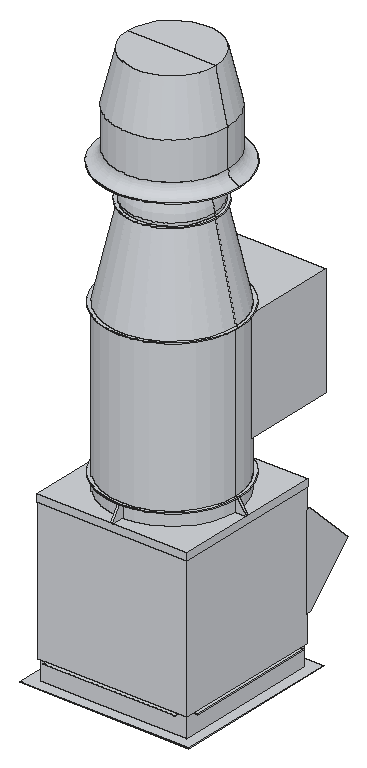
Revit family "QMXVP_with_Mixing_Box", category Mechanical Equipment, Revit 2019 (continued)
Types (225): name | UNIT_RADIUS+4" | UNIT_RADIUS*.6 | UNIT_RADIUS | UNIT_OD | UNIT_HEIGHT*.75 | UNIT_HEIGHT | TYPE | TRANSITION_TOP | RO/2 | RO | NOZZLE_WB_RAD-2" | NOZZLE_WB_RAD | NOZZLE_WB/4 | NOZZLE_TOP_RAD | NOZZLE_TOP_OD | NOZZLE_SIZE | NOZZLE_HEIGHT/7*2 | NOZZLE_HEIGHT | NOZZLE_BOTTOM_RAD | NOZZLE_WB_OD | NOZZLE_BOTTOM_ID | MB_HT/2 | MB_HT-2.75" | MB_HT+.25" | MB_HT | MB_A | GA | E | C/2 | C | B/2 | B | A/2 | A | Type Comments | Model | -A | (NOZZLE_WB_OD-NOZZLE_TOP_OD)/2 | (NOZZLE_HEIGHT-(NOZZLE_HEIGHT/8*2))/2 | (A/2)+.25"
  490_QMXHPVP-36H-Mixing_Box | 3' - 2 11/16" | 2' - 7 7/32" | 2' - 10 11/16" | 5' - 9 3/8" | 5' - 0 3/8" | 6' - 8 1/2" | 1' - 0" | 10' - 2 3/4" | 3' - 0 1/8" | 6' - 0 1/4" | 3' - 7" | 3' - 9" | 1' - 6" | 2' - 5" | 4' - 10" | 36' - 0" | 1' - 11 3/4" | 7' - 11" | 2' - 1 7/8" | 7' - 6" | 4' - 3 3/4" | 3' - 7 15/32" | 7' - 0 3/16" | 7' - 3 3/16" | 7' - 2 15/16" | 9' - 5" | 0' - 0 17/128" | 6' - 6 1/2" | 4' - 3 1/2" | 8' - 7" | 9' - 1 1/2" | 18' - 3" | 3' - 4" | 6' - 8" | "Vari-Plume Laboratory Exhaust Mixed-Flow High Pressure Inline Belt Drive With Mixing Box\r\n" | "QMXHPVP-Mixing Box" | -6' - 8" | 0' - 8" | 2' - 11 5/8" | 3' - 4 1/4"
  490_QMXHPVP-36L-Mixing_Box | 3' - 2 11/16" | 2' - 7 7/32" | 2' - 10 11/16" | 5' - 9 3/8" | 5' - 0 3/8" | 6' - 8 1/2" | 1' - 0" | 10' - 2 3/4" | 3' - 0 1/8" | 6' - 0 1/4" | 3' - 7" | 3' - 9" | 1' - 6" | 2' - 5" | 4' - 10" | 36' - 0" | 1' - 11 3/4" | 7' - 11" | 2' - 1 7/8" | 7' - 6" | 4' - 3 3/4" | 3' - 7 15/32" | 7' - 0 3/16" | 7' - 3 3/16" | 7' - 2 15/16" | 9' - 5" | 0' - 0 17/128" | 6' - 6 1/2" | 4' - 3 1/2" | 8' - 7" | 9' - 1 1/2" | 18' - 3" | 3' - 4" | 6' - 8" | "Vari-Plume Laboratory Exhaust Mixed-Flow High Pressure Inline Belt Drive With Mixing Box\r\n" | "QMXHPVP-Mixing Box" | -6' - 8" | 0' - 8" | 2' - 11 5/8" | 3' - 4 1/4"
  540_QMXHPVP-36H-Mixing_Box | 3' - 6 7/32" | 2' - 10.39687" | 3' - 2 7/32" | 6' - 4 7/16" | 5' - 5 1/4" | 7' - 3" | 1' - 0" | 11' - 10 1/4" | 3' - 3 9/16" | 6' - 7 1/8" | 3' - 7" | 3' - 9" | 1' - 6" | 2' - 5" | 4' - 10" | 36' - 0" | 1' - 11 3/4" | 7' - 11" | 2' - 1 7/8" | 7' - 6" | 4' - 3 3/4" | 4' - 1 27/32" | 8' - 0 15/16" | 8' - 3 15/16" | 8' - 3 11/16" | 10' - 6" | 0' - 0 17/128" | 7' - 1 3/8" | 4' - 7 1/2" | 9' - 3" | 9' - 11 1/2" | 19' - 11" | 3' - 9" | 7' - 6" | "Vari-Plume Laboratory Exhaust Mixed-Flow High Pressure Inline Belt Drive With Mixing Box\r\n" | "QMXHPVP-Mixing Box" | -7' - 6" | 0' - 8" | 2' - 11 5/8" | 3' - 9 1/4"
  540_QMXHPVP-36L-Mixing_Box | 3' - 6 7/32" | 2' - 10.39687" | 3' - 2 7/32" | 6' - 4 7/16" | 5' - 5 1/4" | 7' - 3" | 1' - 0" | 11' - 10 1/4" | 3' - 3 9/16" | 6' - 7 1/8" | 3' - 7" | 3' - 9" | 1' - 6" | 2' - 5" | 4' - 10" | 36' - 0" | 1' - 11 3/4" | 7' - 11" | 2' - 1 7/8" | 7' - 6" | 4' - 3 3/4" | 4' - 1 27/32" | 8' - 0 15/16" | 8' - 3 15/16" | 8' - 3 11/16" | 10' - 6" | 0' - 0 17/128" | 7' - 1 3/8" | 4' - 7 1/2" | 9' - 3" | 9' - 11 1/2" | 19' - 11" | 3' - 9" | 7' - 6" | "Vari-Plume Laboratory Exhaust Mixed-Flow High Pressure Inline Belt Drive With Mixing Box\r\n" | "QMXHPVP-Mixing Box" | -7' - 6" | 0' - 8" | 2' - 11 5/8" | 3' - 9 1/4"
  540_QMXHPVP-49H-Mixing_Box | 3' - 6 7/32" | 2' - 10.39687" | 3' - 2 7/32" | 6' - 4 7/16" | 5' - 5 1/4" | 7' - 3" | 1' - 0" | 10' - 1 1/4" | 3' - 3 9/16" | 6' - 7 1/8" | 4' - 0 1/2" | 4' - 2 1/2" | 1' - 8.2" | 3' - 2" | 6' - 4" | 49' - 0" | 2' - 3 1/2" | 9' - 2" | 2' - 10 11/16" | 8' - 5" | 5' - 9 3/8" | 4' - 1 27/32" | 8' - 0 15/16" | 8' - 3 15/16" | 8' - 3 11/16" | 10' - 6" | 0' - 0 17/128" | 7' - 1 3/8" | 4' - 7 1/2" | 9' - 3" | 9' - 11 1/2" | 19' - 11" | 3' - 9" | 7' - 6" | "Vari-Plume Laboratory Exhaust Mixed-Flow High Pressure Inline Belt Drive With Mixing Box\r\n" | "QMXHPVP-Mixing Box" | -7' - 6" | 0' - 6 1/4" | 3' - 5 1/4" | 3' - 9 1/4"
  540_QMXHPVP-49L-Mixing_Box | 3' - 6 7/32" | 2' - 10.39687" | 3' - 2 7/32" | 6' - 4 7/16" | 5' - 5 1/4" | 7' - 3" | 1' - 0" | 10' - 1 1/4" | 3' - 3 9/16" | 6' - 7 1/8" | 4' - 0 1/2" | 4' - 2 1/2" | 1' - 8.2" | 3' - 2" | 6' - 4" | 49' - 0" | 2' - 3 1/2" | 9' - 2" | 2' - 10 11/16" | 8' - 5" | 5' - 9 3/8" | 4' - 1 27/32" | 8' - 0 15/16" | 8' - 3 15/16" | 8' - 3 11/16" | 10' - 6" | 0' - 0 17/128" | 7' - 1 3/8" | 4' - 7 1/2" | 9' - 3" | 9' - 11 1/2" | 19' - 11" | 3' - 9" | 7' - 6" | "Vari-Plume Laboratory Exhaust Mixed-Flow High Pressure Inline Belt Drive With Mixing Box\r\n" | "QMXHPVP-Mixing Box" | -7' - 6" | 0' - 6 1/4" | 3' - 5 1/4" | 3' - 9 1/4"
  600_QMXHPVP-36H-Mixing_Box | 3' - 10 7/16" | 3' - 2.19375" | 3' - 6 7/16" | 7' - 0 7/8" | 5' - 11 5/8" | 7' - 11 1/2" | 1' - 0" | 14' - 2 3/4" | 3' - 8 1/32" | 7' - 4 1/16" | 3' - 7" | 3' - 9" | 1' - 6" | 2' - 5" | 4' - 10" | 36' - 0" | 1' - 11 3/4" | 7' - 11" | 2' - 1 7/8" | 7' - 6" | 4' - 3 3/4" | 4' - 10 19/32" | 9' - 6 7/16" | 9' - 9 7/16" | 9' - 9 3/16" | 12' - 0" | 0' - 0 23/128" | 7' - 10 3/8" | 5' - 1" | 10' - 2" | 10' - 11 1/2" | 21' - 11" | 4' - 2 1/2" | 8' - 5" | "Vari-Plume Laboratory Exhaust Mixed-Flow High Pressure Inline Belt Drive With Mixing Box\r\n" | "QMXHPVP-Mixing Box" | -8' - 5" | 0' - 8" | 2' - 11 5/8" | 4' - 2 3/4"
  600_QMXHPVP-36L-Mixing_Box | 3' - 10 7/16" | 3' - 2.19375" | 3' - 6 7/16" | 7' - 0 7/8" | 5' - 11 5/8" | 7' - 11 1/2" | 1' - 0" | 14' - 2 3/4" | 3' - 8 1/32" | 7' - 4 1/16" | 3' - 7" | 3' - 9" | 1' - 6" | 2' - 5" | 4' - 10" | 36' - 0" | 1' - 11 3/4" | 7' - 11" | 2' - 1 7/8" | 7' - 6" | 4' - 3 3/4" | 4' - 10 19/32" | 9' - 6 7/16" | 9' - 9 7/16" | 9' - 9 3/16" | 12' - 0" | 0' - 0 23/128" | 7' - 10 3/8" | 5' - 1" | 10' - 2" | 10' - 11 1/2" | 21' - 11" | 4' - 2 1/2" | 8' - 5" | "Vari-Plume Laboratory Exhaust Mixed-Flow High Pressure Inline Belt Drive With Mixing Box\r\n" | "QMXHPVP-Mixing Box" | -8' - 5" | 0' - 8" | 2' - 11 5/8" | 4' - 2 3/4"
  600_QMXHPVP-49H-Mixing_Box | 3' - 10 7/16" | 3' - 2.19375" | 3' - 6 7/16" | 7' - 0 7/8" | 5' - 11 5/8" | 7' - 11 1/2" | 1' - 0" | 12' - 4 3/4" | 3' - 8 1/32" | 7' - 4 1/16" | 4' - 0 1/2" | 4' - 2 1/2" | 1' - 8.2" | 3' - 2" | 6' - 4" | 49' - 0" | 2' - 3 1/2" | 9' - 2" | 2' - 10 11/16" | 8' - 5" | 5' - 9 3/8" | 4' - 10 19/32" | 9' - 6 7/16" | 9' - 9 7/16" | 9' - 9 3/16" | 12' - 0" | 0' - 0 23/128" | 7' - 10 3/8" | 5' - 1" | 10' - 2" | 10' - 11 1/2" | 21' - 11" | 4' - 2 1/2" | 8' - 5" | "Vari-Plume Laboratory Exhaust Mixed-Flow High Pressure Inline Belt Drive With Mixing Box\r\n" | "QMXHPVP-Mixing Box" | -8' - 5" | 0' - 6 1/4" | 3' - 5 1/4" | 4' - 2 3/4"
  600_QMXHPVP-49L-Mixing_Box | 3' - 10 7/16" | 3' - 2.19375" | 3' - 6 7/16" | 7' - 0 7/8" | 5' - 11 5/8" | 7' - 11 1/2" | 1' - 0" | 12' - 4 3/4" | 3' - 8 1/32" | 7' - 4 1/16" | 4' - 0 1/2" | 4' - 2 1/2" | 1' - 8.2" | 3' - 2" | 6' - 4" | 49' - 0" | 2' - 3 1/2" | 9' - 2" | 2' - 10 11/16" | 8' - 5" | 5' - 9 3/8" | 4' - 10 19/32" | 9' - 6 7/16" | 9' - 9 7/16" | 9' - 9 3/16" | 12' - 0" | 0' - 0 23/128" | 7' - 10 3/8" | 5' - 1" | 10' - 2" | 10' - 11 1/2" | 21' - 11" | 4' - 2 1/2" | 8' - 5" | "Vari-Plume Laboratory Exhaust Mixed-Flow High Pressure Inline Belt Drive With Mixing Box\r\n" | "QMXHPVP-Mixing Box" | -8' - 5" | 0' - 6 1/4" | 3' - 5 1/4" | 4' - 2 3/4"
  90_QMXHPVP-9H-Mixing_Box | 0' - 10 13/32" | 0' - 5 49/64" | 0' - 6 13/32" | 1' - 0 13/16" | 1' - 2 29/32" | 1' - 7 7/8" | 1' - 0" | 3' - 1 1/16" | 0' - 10 1/2" | 1' - 9" | 0' - 9 1/2" | 0' - 11 1/2" | 0' - 4.6" | 0' - 6 3/4" | 1' - 1 1/2" | 9' - 0" | 0' - 7" | 2' - 4" | 0' - 6 13/32" | 1' - 11" | 1' - 0 13/16" | 1' - 2 19/32" | 2' - 2 7/16" | 2' - 5 7/16" | 2' - 5 3/16" | 2' - 10" | 0' - 0 27/256" | 2' - 3 3/16" | 1' - 3" | 2' - 6" | 2' - 8 1/2" | 5' - 5" | 1' - 2" | 2' - 4" | "Vari-Plume Laboratory Exhaust Mixed-Flow High Pressure Inline Belt Drive With Mixing Box\r\n" | "QMXHPVP-Mixing Box" | -2' - 4" | 0' - 2 3/8" | 0' - 10 1/2" | 1' - 2 1/4"
  90_QMXHPVP-9L-Mixing_Box | 0' - 10 13/32" | 0' - 5 49/64" | 0' - 6 13/32" | 1' - 0 13/16" | 1' - 2 29/32" | 1' - 7 7/8" | 1' - 0" | 3' - 1 1/16" | 0' - 10 1/2" | 1' - 9" | 0' - 9 1/2" | 0' - 11 1/2" | 0' - 4.6" | 0' - 6 3/4" | 1' - 1 1/2" | 9' - 0" | 0' - 7" | 2' - 4" | 0' - 6 13/32" | 1' - 11" | 1' - 0 13/16" | 1' - 2 19/32" | 2' - 2 7/16" | 2' - 5 7/16" | 2' - 5 3/16" | 2' - 10" | 0' - 0 27/256" | 2' - 3 3/16" | 1' - 3" | 2' - 6" | 2' - 8 1/2" | 5' - 5" | 1' - 2" | 2' - 4" | "Vari-Plume Laboratory Exhaust Mixed-Flow High Pressure Inline Belt Drive With Mixing Box\r\n" | "QMXHPVP-Mixing Box" | -2' - 4" | 0' - 2 3/8" | 0' - 10 1/2" | 1' - 2 1/4"
  225_QMXHPVP-18H-Mixing_Box | 1' - 7 31/32" | 1' - 2.37188" | 1' - 3 31/32" | 2' - 7 15/16" | 2' - 6 3/4" | 3' - 5" | 1' - 0" | 5' - 1 1/8" | 1' - 5 3/8" | 2' - 10 3/4" | 1' - 7 1/2" | 1' - 9 1/2" | 0' - 8.6" | 1' - 1 3/4" | 2' - 3 1/2" | 18' - 0" | 1' - 0" | 4' - 0" | 1' - 0 13/16" | 3' - 7" | 2' - 1 5/8" | 1' - 9 19/32" | 3' - 4 7/16" | 3' - 7 7/16" | 3' - 7 3/16" | 4' - 6" | 0' - 0 27/256" | 3' - 4 15/16" | 2' - 4" | 4' - 8" | 4' - 8 1/2" | 9' - 5" | 1' - 9" | 3' - 6" | "Vari-Plume Laboratory Exhaust Mixed-Flow High Pressure Inline Belt Drive With Mixing Box\r\n" | "QMXHPVP-Mixing Box" | -3' - 6" | 0' - 3 7/8" | 1' - 6" | 1' - 9 1/4"
  490_QMXVP-49L-Mixing_Box | 3' - 2 11/16" | 2' - 7 7/32" | 2' - 10 11/16" | 5' - 9 3/8" | 5' - 0 3/8" | 6' - 8 1/2" | 0' - 0" | 8' - 0 3/4" | 3' - 0 1/8" | 6' - 0 1/4" | 4' - 0 1/2" | 4' - 2 1/2" | 1' - 8.2" | 3' - 2" | 6' - 4" | 49' - 0" | 2' - 3 1/2" | 9' - 2" | 2' - 10 11/16" | 8' - 5" | 5' - 9 3/8" | 3' - 7 15/32" | 7' - 0 3/16" | 7' - 3 3/16" | 7' - 2 15/16" | 9' - 5" | 0' - 0 17/128" | 6' - 6 1/2" | 4' - 3 1/2" | 8' - 7" | 9' - 1 1/2" | 18' - 3" | 3' - 4" | 6' - 8" | "Vari-Plume Laboratory Exhaust Mixed-Flow Inline Belt Drive With Mixing Box\r\n" | "QMXVP-Mixing Box" | -6' - 8" | 0' - 6 1/4" | 3' - 5 1/4" | 3' - 4 1/4"
  490_QMXHPVP-49H-Mixing_Box | 3' - 2 11/16" | 2' - 7 7/32" | 2' - 10 11/16" | 5' - 9 3/8" | 5' - 0 3/8" | 6' - 8 1/2" | 1' - 0" | 8' - 0 3/4" | 3' - 0 1/8" | 6' - 0 1/4" | 4' - 0 1/2" | 4' - 2 1/2" | 1' - 8.2" | 3' - 2" | 6' - 4" | 49' - 0" | 2' - 3 1/2" | 9' - 2" | 2' - 10 11/16" | 8' - 5" | 5' - 9 3/8" | 3' - 7 15/32" | 7' - 0 3/16" | 7' - 3 3/16" | 7' - 2 15/16" | 9' - 5" | 0' - 0 17/128" | 6' - 6 1/2" | 4' - 3 1/2" | 8' - 7" | 9' - 1 1/2" | 18' - 3" | 3' - 4" | 6' - 8" | "Vari-Plume Laboratory Exhaust Mixed-Flow High Pressure Inline Belt Drive With Mixing Box\r\n" | "QMXHPVP-Mixing Box" | -6' - 8" | 0' - 6 1/4" | 3' - 5 1/4" | 3' - 4 1/4"
  490_QMXHPVP-49L-Mixing_Box | 3' - 2 11/16" | 2' - 7 7/32" | 2' - 10 11/16" | 5' - 9 3/8" | 5' - 0 3/8" | 6' - 8 1/2" | 1' - 0" | 8' - 0 3/4" | 3' - 0 1/8" | 6' - 0 1/4" | 4' - 0 1/2" | 4' - 2 1/2" | 1' - 8.2" | 3' - 2" | 6' - 4" | 49' - 0" | 2' - 3 1/2" | 9' - 2" | 2' - 10 11/16" | 8' - 5" | 5' - 9 3/8" | 3' - 7 15/32" | 7' - 0 3/16" | 7' - 3 3/16" | 7' - 2 15/16" | 9' - 5" | 0' - 0 17/128" | 6' - 6 1/2" | 4' - 3 1/2" | 8' - 7" | 9' - 1 1/2" | 18' - 3" | 3' - 4" | 6' - 8" | "Vari-Plume Laboratory Exhaust Mixed-Flow High Pressure Inline Belt Drive With Mixing Box\r\n" | "QMXHPVP-Mixing Box" | -6' - 8" | 0' - 6 1/4" | 3' - 5 1/4" | 3' - 4 1/4"
  202_QMXHPVP-21H-Mixing_Box | 1' - 6 3/8" | 1' - 0 15/16" | 1' - 2 3/8" | 2' - 4 3/4" | 2' - 4 1/8" | 3' - 1 1/2" | 1' - 0" | 4' - 3 5/8" | 1' - 3 3/8" | 2' - 6 3/4" | 1' - 10 1/2" | 2' - 0 1/2" | 0' - 9.8" | 1' - 3 3/8" | 2' - 6 3/4" | 21' - 0" | 1' - 1 3/16" | 4' - 4 3/4" | 1' - 2 3/8" | 4' - 1" | 2' - 4 3/4" | 1' - 8 19/32" | 3' - 2 7/16" | 3' - 5 7/16" | 3' - 5 3/16" | 4' - 1" | 0' - 0 27/256" | 3' - 0 15/16" | 2' - 1" | 4' - 2" | 4' - 4" | 8' - 8" | 1' - 7" | 3' - 2" | "Vari-Plume Laboratory Exhaust Mixed-Flow High Pressure Inline Belt Drive With Mixing Box\r\n" | "QMXHPVP-Mixing Box" | -3' - 2" | 0' - 4 9/16" | 1' - 7 25/32" | 1' - 7 1/4"
  202_QMXHPVP-21L-Mixing_Box | 1' - 6 3/8" | 1' - 0 15/16" | 1' - 2 3/8" | 2' - 4 3/4" | 2' - 4 1/8" | 3' - 1 1/2" | 1' - 0" | 4' - 3 5/8" | 1' - 3 3/8" | 2' - 6 3/4" | 1' - 10 1/2" | 2' - 0 1/2" | 0' - 9.8" | 1' - 3 3/8" | 2' - 6 3/4" | 21' - 0" | 1' - 1 3/16" | 4' - 4 3/4" | 1' - 2 3/8" | 4' - 1" | 2' - 4 3/4" | 1' - 8 19/32" | 3' - 2 7/16" | 3' - 5 7/16" | 3' - 5 3/16" | 4' - 1" | 0' - 0 27/256" | 3' - 0 15/16" | 2' - 1" | 4' - 2" | 4' - 4" | 8' - 8" | 1' - 7" | 3' - 2" | "Vari-Plume Laboratory Exhaust Mixed-Flow High Pressure Inline Belt Drive With Mixing Box\r\n" | "QMXHPVP-Mixing Box" | -3' - 2" | 0' - 4 9/16" | 1' - 7 25/32" | 1' - 7 1/4"
  202_QMXVP-21H-Mixing_Box | 1' - 6 3/8" | 1' - 0 15/16" | 1' - 2 3/8" | 2' - 4 3/4" | 2' - 4 1/8" | 3' - 1 1/2" | 0' - 0" | 4' - 3 5/8" | 1' - 3 3/8" | 2' - 6 3/4" | 1' - 10 1/2" | 2' - 0 1/2" | 0' - 9.8" | 1' - 3 3/8" | 2' - 6 3/4" | 21' - 0" | 1' - 1 3/16" | 4' - 4 3/4" | 1' - 2 3/8" | 4' - 1" | 2' - 4 3/4" | 1' - 8 19/32" | 3' - 2 7/16" | 3' - 5 7/16" | 3' - 5 3/16" | 4' - 1" | 0' - 0 27/256" | 3' - 0 15/16" | 2' - 1" | 4' - 2" | 4' - 4" | 8' - 8" | 1' - 7" | 3' - 2" | "Vari-Plume Laboratory Exhaust Mixed-Flow Inline Belt Drive With Mixing Box\r\n" | "QMXVP-Mixing Box" | -3' - 2" | 0' - 4 9/16" | 1' - 7 25/32" | 1' - 7 1/4"
  202_QMXVP-21L-Mixing_Box | 1' - 6 3/8" | 1' - 0 15/16" | 1' - 2 3/8" | 2' - 4 3/4" | 2' - 4 1/8" | 3' - 1 1/2" | 0' - 0" | 4' - 3 5/8" | 1' - 3 3/8" | 2' - 6 3/4" | 1' - 10 1/2" | 2' - 0 1/2" | 0' - 9.8" | 1' - 3 3/8" | 2' - 6 3/4" | 21' - 0" | 1' - 1 3/16" | 4' - 4 3/4" | 1' - 2 3/8" | 4' - 1" | 2' - 4 3/4" | 1' - 8 19/32" | 3' - 2 7/16" | 3' - 5 7/16" | 3' - 5 3/16" | 4' - 1" | 0' - 0 27/256" | 3' - 0 15/16" | 2' - 1" | 4' - 2" | 4' - 4" | 8' - 8" | 1' - 7" | 3' - 2" | "Vari-Plume Laboratory Exhaust Mixed-Flow Inline Belt Drive With Mixing Box\r\n" | "QMXVP-Mixing Box" | -3' - 2" | 0' - 4 9/16" | 1' - 7 25/32" | 1' - 7 1/4"
  225_QMXHPVP-21H-Mixing_Box | 1' - 7 31/32" | 1' - 2.37188" | 1' - 3 31/32" | 2' - 7 15/16" | 2' - 6 3/4" | 3' - 5" | 1' - 0" | 5' - 1 1/8" | 1' - 5 3/8" | 2' - 10 3/4" | 1' - 10 1/2" | 2' - 0 1/2" | 0' - 9.8" | 1' - 3 3/8" | 2' - 6 3/4" | 21' - 0" | 1' - 1 3/16" | 4' - 4 3/4" | 1' - 2 3/8" | 4' - 1" | 2' - 4 3/4" | 1' - 9 19/32" | 3' - 4 7/16" | 3' - 7 7/16" | 3' - 7 3/16" | 4' - 6" | 0' - 0 27/256" | 3' - 4 15/16" | 2' - 4" | 4' - 8" | 4' - 8 1/2" | 9' - 5" | 1' - 9" | 3' - 6" | "Vari-Plume Laboratory Exhaust Mixed-Flow High Pressure Inline Belt Drive With Mixing Box\r\n" | "QMXHPVP-Mixing Box" | -3' - 6" | 0' - 4 9/16" | 1' - 7 25/32" | 1' - 9 1/4"
  225_QMXHPVP-21L-Mixing_Box | 1' - 7 31/32" | 1' - 2.37188" | 1' - 3 31/32" | 2' - 7 15/16" | 2' - 6 3/4" | 3' - 5" | 1' - 0" | 5' - 1 1/8" | 1' - 5 3/8" | 2' - 10 3/4" | 1' - 10 1/2" | 2' - 0 1/2" | 0' - 9.8" | 1' - 3 3/8" | 2' - 6 3/4" | 21' - 0" | 1' - 1 3/16" | 4' - 4 3/4" | 1' - 2 3/8" | 4' - 1" | 2' - 4 3/4" | 1' - 9 19/32" | 3' - 4 7/16" | 3' - 7 7/16" | 3' - 7 3/16" | 4' - 6" | 0' - 0 27/256" | 3' - 4 15/16" | 2' - 4" | 4' - 8" | 4' - 8 1/2" | 9' - 5" | 1' - 9" | 3' - 6" | "Vari-Plume Laboratory Exhaust Mixed-Flow High Pressure Inline Belt Drive With Mixing Box\r\n" | "QMXHPVP-Mixing Box" | -3' - 6" | 0' - 4 9/16" | 1' - 7 25/32" | 1' - 9 1/4"
  225_QMXVP-21H-Mixing_Box | 1' - 7 31/32" | 1' - 2.37188" | 1' - 3 31/32" | 2' - 7 15/16" | 2' - 6 3/4" | 3' - 5" | 0' - 0" | 5' - 1 1/8" | 1' - 5 3/8" | 2' - 10 3/4" | 1' - 10 1/2" | 2' - 0 1/2" | 0' - 9.8" | 1' - 3 3/8" | 2' - 6 3/4" | 21' - 0" | 1' - 1 3/16" | 4' - 4 3/4" | 1' - 2 3/8" | 4' - 1" | 2' - 4 3/4" | 1' - 9 19/32" | 3' - 4 7/16" | 3' - 7 7/16" | 3' - 7 3/16" | 4' - 6" | 0' - 0 27/256" | 3' - 4 15/16" | 2' - 4" | 4' - 8" | 4' - 8 1/2" | 9' - 5" | 1' - 9" | 3' - 6" | "Vari-Plume Laboratory Exhaust Mixed-Flow Inline Belt Drive With Mixing Box\r\n" | "QMXVP-Mixing Box" | -3' - 6" | 0' - 4 9/16" | 1' - 7 25/32" | 1' - 9 1/4"
  225_QMXVP-21L-Mixing_Box | 1' - 7 31/32" | 1' - 2.37188" | 1' - 3 31/32" | 2' - 7 15/16" | 2' - 6 3/4" | 3' - 5" | 0' - 0" | 5' - 1 1/8" | 1' - 5 3/8" | 2' - 10 3/4" | 1' - 10 1/2" | 2' - 0 1/2" | 0' - 9.8" | 1' - 3 3/8" | 2' - 6 3/4" | 21' - 0" | 1' - 1 3/16" | 4' - 4 3/4" | 1' - 2 3/8" | 4' - 1" | 2' - 4 3/4" | 1' - 9 19/32" | 3' - 4 7/16" | 3' - 7 7/16" | 3' - 7 3/16" | 4' - 6" | 0' - 0 27/256" | 3' - 4 15/16" | 2' - 4" | 4' - 8" | 4' - 8 1/2" | 9' - 5" | 1' - 9" | 3' - 6" | "Vari-Plume Laboratory Exhaust Mixed-Flow Inline Belt Drive With Mixing Box\r\n" | "QMXVP-Mixing Box" | -3' - 6" | 0' - 4 9/16" | 1' - 7 25/32" | 1' - 9 1/4"
  245_QMXHPVP-21H-Mixing_Box | 1' - 9 3/8" | 1' - 3.6375" | 1' - 5 3/8" | 2' - 10 3/4" | 2' - 9 3/8" | 3' - 8 1/2" | 1' - 0" | 5' - 9 11/16" | 1' - 6 3/8" | 3' - 0 3/4" | 1' - 10 1/2" | 2' - 0 1/2" | 0' - 9.8" | 1' - 3 3/8" | 2' - 6 3/4" | 21' - 0" | 1' - 1 3/16" | 4' - 4 3/4" | 1' - 2 3/8" | 4' - 1" | 2' - 4 3/4" | 1' - 10 23/32" | 3' - 6 11/16" | 3' - 9 11/16" | 3' - 9 7/16" | 4' - 9" | 0' - 0 27/256" | 3' - 6 15/16" | 2' - 5 1/2" | 4' - 11" | 5' - 0 1/2" | 10' - 1" | 1' - 10" | 3' - 8" | "Vari-Plume Laboratory Exhaust Mixed-Flow High Pressure Inline Belt Drive With Mixing Box\r\n" | "QMXHPVP-Mixing Box" | -3' - 8" | 0' - 4 9/16" | 1' - 7 25/32" | 1' - 10 1/4"
  245_QMXHPVP-21L-Mixing_Box | 1' - 9 3/8" | 1' - 3.6375" | 1' - 5 3/8" | 2' - 10 3/4" | 2' - 9 3/8" | 3' - 8 1/2" | 1' - 0" | 5' - 9 11/16" | 1' - 6 3/8" | 3' - 0 3/4" | 1' - 10 1/2" | 2' - 0 1/2" | 0' - 9.8" | 1' - 3 3/8" | 2' - 6 3/4" | 21' - 0" | 1' - 1 3/16" | 4' - 4 3/4" | 1' - 2 3/8" | 4' - 1" | 2' - 4 3/4" | 1' - 10 23/32" | 3' - 6 11/16" | 3' - 9 11/16" | 3' - 9 7/16" | 4' - 9" | 0' - 0 27/256" | 3' - 6 15/16" | 2' - 5 1/2" | 4' - 11" | 5' - 0 1/2" | 10' - 1" | 1' - 10" | 3' - 8" | "Vari-Plume Laboratory Exhaust Mixed-Flow High Pressure Inline Belt Drive With Mixing Box\r\n" | "QMXHPVP-Mixing Box" | -3' - 8" | 0' - 4 9/16" | 1' - 7 25/32" | 1' - 10 1/4"
  245_QMXVP-21H-Mixing_Box | 1' - 9 3/8" | 1' - 3.6375" | 1' - 5 3/8" | 2' - 10 3/4" | 2' - 9 3/8" | 3' - 8 1/2" | 0' - 0" | 5' - 9 11/16" | 1' - 6 3/8" | 3' - 0 3/4" | 1' - 10 1/2" | 2' - 0 1/2" | 0' - 9.8" | 1' - 3 3/8" | 2' - 6 3/4" | 21' - 0" | 1' - 1 3/16" | 4' - 4 3/4" | 1' - 2 3/8" | 4' - 1" | 2' - 4 3/4" | 1' - 10 23/32" | 3' - 6 11/16" | 3' - 9 11/16" | 3' - 9 7/16" | 4' - 9" | 0' - 0 27/256" | 3' - 6 15/16" | 2' - 5 1/2" | 4' - 11" | 5' - 0 1/2" | 10' - 1" | 1' - 10" | 3' - 8" | "Vari-Plume Laboratory Exhaust Mixed-Flow Inline Belt Drive With Mixing Box\r\n" | "QMXVP-Mixing Box" | -3' - 8" | 0' - 4 9/16" | 1' - 7 25/32" | 1' - 10 1/4"
  245_QMXVP-21L-Mixing_Box | 1' - 9 3/8" | 1' - 3.6375" | 1' - 5 3/8" | 2' - 10 3/4" | 2' - 9 3/8" | 3' - 8 1/2" | 0' - 0" | 5' - 9 11/16" | 1' - 6 3/8" | 3' - 0 3/4" | 1' - 10 1/2" | 2' - 0 1/2" | 0' - 9.8" | 1' - 3 3/8" | 2' - 6 3/4" | 21' - 0" | 1' - 1 3/16" | 4' - 4 3/4" | 1' - 2 3/8" | 4' - 1" | 2' - 4 3/4" | 1' - 10 23/32" | 3' - 6 11/16" | 3' - 9 11/16" | 3' - 9 7/16" | 4' - 9" | 0' - 0 27/256" | 3' - 6 15/16" | 2' - 5 1/2" | 4' - 11" | 5' - 0 1/2" | 10' - 1" | 1' - 10" | 3' - 8" | "Vari-Plume Laboratory Exhaust Mixed-Flow Inline Belt Drive With Mixing Box\r\n" | "QMXVP-Mixing Box" | -3' - 8" | 0' - 4 9/16" | 1' - 7 25/32" | 1' - 10 1/4"
  270_QMXHPVP-21H-Mixing_Box | 1' - 11 5/32" | 1' - 5.24062" | 1' - 7 5/32" | 3' - 2 5/16" | 2' - 11 1/4" | 3' - 11" | 1' - 0" | 6' - 7 3/16" | 1' - 8 3/8" | 3' - 4 3/4" | 1' - 10 1/2" | 2' - 0 1/2" | 0' - 9.8" | 1' - 3 3/8" | 2' - 6 3/4" | 21' - 0" | 1' - 1 3/16" | 4' - 4 3/4" | 1' - 2 3/8" | 4' - 1" | 2' - 4 3/4" | 1' - 11 19/32" | 3' - 8 7/16" | 3' - 11 7/16" | 3' - 11 3/16" | 5' - 2" | 0' - 0 27/256" | 3' - 10 15/16" | 2' - 7 1/2" | 5' - 3" | 5' - 4" | 10' - 8" | 2' - 0" | 4' - 0" | "Vari-Plume Laboratory Exhaust Mixed-Flow High Pressure Inline Belt Drive With Mixing Box\r\n" | "QMXHPVP-Mixing Box" | -4' - 0" | 0' - 4 9/16" | 1' - 7 25/32" | 2' - 0 1/4"
  270_QMXHPVP-21L-Mixing_Box | 1' - 11 5/32" | 1' - 5.24062" | 1' - 7 5/32" | 3' - 2 5/16" | 2' - 11 1/4" | 3' - 11" | 1' - 0" | 6' - 7 3/16" | 1' - 8 3/8" | 3' - 4 3/4" | 1' - 10 1/2" | 2' - 0 1/2" | 0' - 9.8" | 1' - 3 3/8" | 2' - 6 3/4" | 21' - 0" | 1' - 1 3/16" | 4' - 4 3/4" | 1' - 2 3/8" | 4' - 1" | 2' - 4 3/4" | 1' - 11 19/32" | 3' - 8 7/16" | 3' - 11 7/16" | 3' - 11 3/16" | 5' - 2" | 0' - 0 27/256" | 3' - 10 15/16" | 2' - 7 1/2" | 5' - 3" | 5' - 4" | 10' - 8" | 2' - 0" | 4' - 0" | "Vari-Plume Laboratory Exhaust Mixed-Flow High Pressure Inline Belt Drive With Mixing Box\r\n" | "QMXHPVP-Mixing Box" | -4' - 0" | 0' - 4 9/16" | 1' - 7 25/32" | 2' - 0 1/4"
  270_QMXVP-21H-Mixing_Box | 1' - 11 5/32" | 1' - 5.24062" | 1' - 7 5/32" | 3' - 2 5/16" | 2' - 11 1/4" | 3' - 11" | 0' - 0" | 6' - 7 3/16" | 1' - 8 3/8" | 3' - 4 3/4" | 1' - 10 1/2" | 2' - 0 1/2" | 0' - 9.8" | 1' - 3 3/8" | 2' - 6 3/4" | 21' - 0" | 1' - 1 3/16" | 4' - 4 3/4" | 1' - 2 3/8" | 4' - 1" | 2' - 4 3/4" | 1' - 11 19/32" | 3' - 8 7/16" | 3' - 11 7/16" | 3' - 11 3/16" | 5' - 2" | 0' - 0 27/256" | 3' - 10 15/16" | 2' - 7 1/2" | 5' - 3" | 5' - 4" | 10' - 8" | 2' - 0" | 4' - 0" | "Vari-Plume Laboratory Exhaust Mixed-Flow Inline Belt Drive With Mixing Box\r\n" | "QMXVP-Mixing Box" | -4' - 0" | 0' - 4 9/16" | 1' - 7 25/32" | 2' - 0 1/4"
  270_QMXVP-21L-Mixing_Box | 1' - 11 5/32" | 1' - 5.24062" | 1' - 7 5/32" | 3' - 2 5/16" | 2' - 11 1/4" | 3' - 11" | 0' - 0" | 6' - 7 3/16" | 1' - 8 3/8" | 3' - 4 3/4" | 1' - 10 1/2" | 2' - 0 1/2" | 0' - 9.8" | 1' - 3 3/8" | 2' - 6 3/4" | 21' - 0" | 1' - 1 3/16" | 4' - 4 3/4" | 1' - 2 3/8" | 4' - 1" | 2' - 4 3/4" | 1' - 11 19/32" | 3' - 8 7/16" | 3' - 11 7/16" | 3' - 11 3/16" | 5' - 2" | 0' - 0 27/256" | 3' - 10 15/16" | 2' - 7 1/2" | 5' - 3" | 5' - 4" | 10' - 8" | 2' - 0" | 4' - 0" | "Vari-Plume Laboratory Exhaust Mixed-Flow Inline Belt Drive With Mixing Box\r\n" | "QMXVP-Mixing Box" | -4' - 0" | 0' - 4 9/16" | 1' - 7 25/32" | 2' - 0 1/4"
  300_QMXHPVP-21H-Mixing_Box | 2' - 1 1/4" | 1' - 7 1/8" | 1' - 9 1/4" | 3' - 6 1/2" | 3' - 4 1/2" | 4' - 6" | 1' - 0" | 7' - 10 3/16" | 1' - 10 3/8" | 3' - 8 3/4" | 1' - 10 1/2" | 2' - 0 1/2" | 0' - 9.8" | 1' - 3 3/8" | 2' - 6 3/4" | 21' - 0" | 1' - 1 3/16" | 4' - 4 3/4" | 1' - 2 3/8" | 4' - 1" | 2' - 4 3/4" | 2' - 1 7/32" | 3' - 11 11/16" | 4' - 2 11/16" | 4' - 2 7/16" | 5' - 8" | 0' - 0 27/256" | 4' - 2 15/16" | 2' - 9 1/2" | 5' - 7" | 6' - 2" | 12' - 4" | 2' - 2" | 4' - 4" | "Vari-Plume Laboratory Exhaust Mixed-Flow High Pressure Inline Belt Drive With Mixing Box\r\n" | "QMXHPVP-Mixing Box" | -4' - 4" | 0' - 4 9/16" | 1' - 7 25/32" | 2' - 2 1/4"
  300_QMXHPVP-21L-Mixing_Box | 2' - 1 1/4" | 1' - 7 1/8" | 1' - 9 1/4" | 3' - 6 1/2" | 3' - 4 1/2" | 4' - 6" | 1' - 0" | 7' - 10 3/16" | 1' - 10 3/8" | 3' - 8 3/4" | 1' - 10 1/2" | 2' - 0 1/2" | 0' - 9.8" | 1' - 3 3/8" | 2' - 6 3/4" | 21' - 0" | 1' - 1 3/16" | 4' - 4 3/4" | 1' - 2 3/8" | 4' - 1" | 2' - 4 3/4" | 2' - 1 7/32" | 3' - 11 11/16" | 4' - 2 11/16" | 4' - 2 7/16" | 5' - 8" | 0' - 0 27/256" | 4' - 2 15/16" | 2' - 9 1/2" | 5' - 7" | 6' - 2" | 12' - 4" | 2' - 2" | 4' - 4" | "Vari-Plume Laboratory Exhaust Mixed-Flow High Pressure Inline Belt Drive With Mixing Box\r\n" | "QMXHPVP-Mixing Box" | -4' - 4" | 0' - 4 9/16" | 1' - 7 25/32" | 2' - 2 1/4"
  300_QMXVP-21H-Mixing_Box | 2' - 1 1/4" | 1' - 7 1/8" | 1' - 9 1/4" | 3' - 6 1/2" | 3' - 4 1/2" | 4' - 6" | 0' - 0" | 7' - 10 3/16" | 1' - 10 3/8" | 3' - 8 3/4" | 1' - 10 1/2" | 2' - 0 1/2" | 0' - 9.8" | 1' - 3 3/8" | 2' - 6 3/4" | 21' - 0" | 1' - 1 3/16" | 4' - 4 3/4" | 1' - 2 3/8" | 4' - 1" | 2' - 4 3/4" | 2' - 1 7/32" | 3' - 11 11/16" | 4' - 2 11/16" | 4' - 2 7/16" | 5' - 8" | 0' - 0 27/256" | 4' - 2 15/16" | 2' - 9 1/2" | 5' - 7" | 6' - 2" | 12' - 4" | 2' - 2" | 4' - 4" | "Vari-Plume Laboratory Exhaust Mixed-Flow Inline Belt Drive With Mixing Box\r\n" | "QMXVP-Mixing Box" | -4' - 4" | 0' - 4 9/16" | 1' - 7 25/32" | 2' - 2 1/4"
  300_QMXVP-21L-Mixing_Box | 2' - 1 1/4" | 1' - 7 1/8" | 1' - 9 1/4" | 3' - 6 1/2" | 3' - 4 1/2" | 4' - 6" | 0' - 0" | 7' - 10 3/16" | 1' - 10 3/8" | 3' - 8 3/4" | 1' - 10 1/2" | 2' - 0 1/2" | 0' - 9.8" | 1' - 3 3/8" | 2' - 6 3/4" | 21' - 0" | 1' - 1 3/16" | 4' - 4 3/4" | 1' - 2 3/8" | 4' - 1" | 2' - 4 3/4" | 2' - 1 7/32" | 3' - 11 11/16" | 4' - 2 11/16" | 4' - 2 7/16" | 5' - 8" | 0' - 0 27/256" | 4' - 2 15/16" | 2' - 9 1/2" | 5' - 7" | 6' - 2" | 12' - 4" | 2' - 2" | 4' - 4" | "Vari-Plume Laboratory Exhaust Mixed-Flow Inline Belt Drive With Mixing Box\r\n" | "QMXVP-Mixing Box" | -4' - 4" | 0' - 4 9/16" | 1' - 7 25/32" | 2' - 2 1/4"
  270_QMXHPVP-27H-Mixing_Box | 1' - 11 5/32" | 1' - 5.24062" | 1' - 7 5/32" | 3' - 2 5/16" | 2' - 11 1/4" | 3' - 11" | 1' - 0" | 5' - 2 1/4" | 1' - 8 3/8" | 3' - 4 3/4" | 2' - 4 1/2" | 2' - 6 1/2" | 1' - 0.2" | 1' - 7 27/32" | 3' - 3 11/16" | 27' - 0" | 1' - 3 5/32" | 5' - 0 5/8" | 1' - 7 5/32" | 5' - 1" | 3' - 2 5/16" | 1' - 11 19/32" | 3' - 8 7/16" | 3' - 11 7/16" | 3' - 11 3/16" | 5' - 2" | 0' - 0 27/256" | 3' - 10 15/16" | 2' - 7 1/2" | 5' - 3" | 5' - 4" | 10' - 8" | 2' - 0" | 4' - 0" | "Vari-Plume Laboratory Exhaust Mixed-Flow High Pressure Inline Belt Drive With Mixing Box\r\n" | "QMXHPVP-Mixing Box" | -4' - 0" | 0' - 5 21/64" | 1' - 10 47/64" | 2' - 0 1/4"
  270_QMXHPVP-27L-Mixing_Box | 1' - 11 5/32" | 1' - 5.24062" | 1' - 7 5/32" | 3' - 2 5/16" | 2' - 11 1/4" | 3' - 11" | 1' - 0" | 5' - 2 1/4" | 1' - 8 3/8" | 3' - 4 3/4" | 2' - 4 1/2" | 2' - 6 1/2" | 1' - 0.2" | 1' - 7 27/32" | 3' - 3 11/16" | 27' - 0" | 1' - 3 5/32" | 5' - 0 5/8" | 1' - 7 5/32" | 5' - 1" | 3' - 2 5/16" | 1' - 11 19/32" | 3' - 8 7/16" | 3' - 11 7/16" | 3' - 11 3/16" | 5' - 2" | 0' - 0 27/256" | 3' - 10 15/16" | 2' - 7 1/2" | 5' - 3" | 5' - 4" | 10' - 8" | 2' - 0" | 4' - 0" | "Vari-Plume Laboratory Exhaust Mixed-Flow High Pressure Inline Belt Drive With Mixing Box\r\n" | "QMXHPVP-Mixing Box" | -4' - 0" | 0' - 5 21/64" | 1' - 10 47/64" | 2' - 0 1/4"
  270_QMXVP-27H-Mixing_Box | 1' - 11 5/32" | 1' - 5.24062" | 1' - 7 5/32" | 3' - 2 5/16" | 2' - 11 1/4" | 3' - 11" | 0' - 0" | 5' - 2 1/4" | 1' - 8 3/8" | 3' - 4 3/4" | 2' - 4 1/2" | 2' - 6 1/2" | 1' - 0.2" | 1' - 7 27/32" | 3' - 3 11/16" | 27' - 0" | 1' - 3 5/32" | 5' - 0 5/8" | 1' - 7 5/32" | 5' - 1" | 3' - 2 5/16" | 1' - 11 19/32" | 3' - 8 7/16" | 3' - 11 7/16" | 3' - 11 3/16" | 5' - 2" | 0' - 0 27/256" | 3' - 10 15/16" | 2' - 7 1/2" | 5' - 3" | 5' - 4" | 10' - 8" | 2' - 0" | 4' - 0" | "Vari-Plume Laboratory Exhaust Mixed-Flow Inline Belt Drive With Mixing Box\r\n" | "QMXVP-Mixing Box" | -4' - 0" | 0' - 5 21/64" | 1' - 10 47/64" | 2' - 0 1/4"
  270_QMXVP-27L-Mixing_Box | 1' - 11 5/32" | 1' - 5.24062" | 1' - 7 5/32" | 3' - 2 5/16" | 2' - 11 1/4" | 3' - 11" | 0' - 0" | 5' - 2 1/4" | 1' - 8 3/8" | 3' - 4 3/4" | 2' - 4 1/2" | 2' - 6 1/2" | 1' - 0.2" | 1' - 7 27/32" | 3' - 3 11/16" | 27' - 0" | 1' - 3 5/32" | 5' - 0 5/8" | 1' - 7 5/32" | 5' - 1" | 3' - 2 5/16" | 1' - 11 19/32" | 3' - 8 7/16" | 3' - 11 7/16" | 3' - 11 3/16" | 5' - 2" | 0' - 0 27/256" | 3' - 10 15/16" | 2' - 7 1/2" | 5' - 3" | 5' - 4" | 10' - 8" | 2' - 0" | 4' - 0" | "Vari-Plume Laboratory Exhaust Mixed-Flow Inline Belt Drive With Mixing Box\r\n" | "QMXVP-Mixing Box" | -4' - 0" | 0' - 5 21/64" | 1' - 10 47/64" | 2' - 0 1/4"
  300_QMXHPVP-27H-Mixing_Box | 2' - 1 1/4" | 1' - 7 1/8" | 1' - 9 1/4" | 3' - 6 1/2" | 3' - 4 1/2" | 4' - 6" | 1' - 0" | 6' - 5 1/4" | 1' - 10 3/8" | 3' - 8 3/4" | 2' - 4 1/2" | 2' - 6 1/2" | 1' - 0.2" | 1' - 7 27/32" | 3' - 3 11/16" | 27' - 0" | 1' - 3 5/32" | 5' - 0 5/8" | 1' - 7 5/32" | 5' - 1" | 3' - 2 5/16" | 2' - 1 7/32" | 3' - 11 11/16" | 4' - 2 11/16" | 4' - 2 7/16" | 5' - 8" | 0' - 0 27/256" | 4' - 2 15/16" | 2' - 9 1/2" | 5' - 7" | 6' - 2" | 12' - 4" | 2' - 2" | 4' - 4" | "Vari-Plume Laboratory Exhaust Mixed-Flow High Pressure Inline Belt Drive With Mixing Box\r\n" | "QMXHPVP-Mixing Box" | -4' - 4" | 0' - 5 21/64" | 1' - 10 47/64" | 2' - 2 1/4"
  300_QMXHPVP-27L-Mixing_Box | 2' - 1 1/4" | 1' - 7 1/8" | 1' - 9 1/4" | 3' - 6 1/2" | 3' - 4 1/2" | 4' - 6" | 1' - 0" | 6' - 5 1/4" | 1' - 10 3/8" | 3' - 8 3/4" | 2' - 4 1/2" | 2' - 6 1/2" | 1' - 0.2" | 1' - 7 27/32" | 3' - 3 11/16" | 27' - 0" | 1' - 3 5/32" | 5' - 0 5/8" | 1' - 7 5/32" | 5' - 1" | 3' - 2 5/16" | 2' - 1 7/32" | 3' - 11 11/16" | 4' - 2 11/16" | 4' - 2 7/16" | 5' - 8" | 0' - 0 27/256" | 4' - 2 15/16" | 2' - 9 1/2" | 5' - 7" | 6' - 2" | 12' - 4" | 2' - 2" | 4' - 4" | "Vari-Plume Laboratory Exhaust Mixed-Flow High Pressure Inline Belt Drive With Mixing Box\r\n" | "QMXHPVP-Mixing Box" | -4' - 4" | 0' - 5 21/64" | 1' - 10 47/64" | 2' - 2 1/4"
  300_QMXVP-27H-Mixing_Box | 2' - 1 1/4" | 1' - 7 1/8" | 1' - 9 1/4" | 3' - 6 1/2" | 3' - 4 1/2" | 4' - 6" | 0' - 0" | 6' - 5 1/4" | 1' - 10 3/8" | 3' - 8 3/4" | 2' - 4 1/2" | 2' - 6 1/2" | 1' - 0.2" | 1' - 7 27/32" | 3' - 3 11/16" | 27' - 0" | 1' - 3 5/32" | 5' - 0 5/8" | 1' - 7 5/32" | 5' - 1" | 3' - 2 5/16" | 2' - 1 7/32" | 3' - 11 11/16" | 4' - 2 11/16" | 4' - 2 7/16" | 5' - 8" | 0' - 0 27/256" | 4' - 2 15/16" | 2' - 9 1/2" | 5' - 7" | 6' - 2" | 12' - 4" | 2' - 2" | 4' - 4" | "Vari-Plume Laboratory Exhaust Mixed-Flow Inline Belt Drive With Mixing Box\r\n" | "QMXVP-Mixing Box" | -4' - 4" | 0' - 5 21/64" | 1' - 10 47/64" | 2' - 2 1/4"
  300_QMXVP-27L-Mixing_Box | 2' - 1 1/4" | 1' - 7 1/8" | 1' - 9 1/4" | 3' - 6 1/2" | 3' - 4 1/2" | 4' - 6" | 0' - 0" | 6' - 5 1/4" | 1' - 10 3/8" | 3' - 8 3/4" | 2' - 4 1/2" | 2' - 6 1/2" | 1' - 0.2" | 1' - 7 27/32" | 3' - 3 11/16" | 27' - 0" | 1' - 3 5/32" | 5' - 0 5/8" | 1' - 7 5/32" | 5' - 1" | 3' - 2 5/16" | 2' - 1 7/32" | 3' - 11 11/16" | 4' - 2 11/16" | 4' - 2 7/16" | 5' - 8" | 0' - 0 27/256" | 4' - 2 15/16" | 2' - 9 1/2" | 5' - 7" | 6' - 2" | 12' - 4" | 2' - 2" | 4' - 4" | "Vari-Plume Laboratory Exhaust Mixed-Flow Inline Belt Drive With Mixing Box\r\n" | "QMXVP-Mixing Box" | -4' - 4" | 0' - 5 21/64" | 1' - 10 47/64" | 2' - 2 1/4"
  330_QMXHPVP-27H-Mixing_Box | 2' - 3 3/8" | 1' - 9.0375" | 1' - 11 3/8" | 3' - 10 3/4" | 3' - 7 7/8" | 4' - 10 1/2" | 1' - 0" | 7' - 5 3/4" | 2' - 0 5/16" | 4' - 0 5/8" | 2' - 4 1/2" | 2' - 6 1/2" | 1' - 0.2" | 1' - 7 27/32" | 3' - 3 11/16" | 27' - 0" | 1' - 3 5/32" | 5' - 0 5/8" | 1' - 7 5/32" | 5' - 1" | 3' - 2 5/16" | 2' - 2 27/32" | 4' - 2 15/16" | 4' - 5 15/16" | 4' - 5 11/16" | 6' - 1" | 0' - 0 27/256" | 4' - 6 13/16" | 3' - 0 1/2" | 6' - 1" | 6' - 5" | 12' - 10" | 2' - 4" | 4' - 8" | "Vari-Plume Laboratory Exhaust Mixed-Flow High Pressure Inline Belt Drive With Mixing Box\r\n" | "QMXHPVP-Mixing Box" | -4' - 8" | 0' - 5 21/64" | 1' - 10 47/64" | 2' - 4 1/4"
  330_QMXHPVP-27L-Mixing_Box | 2' - 3 3/8" | 1' - 9.0375" | 1' - 11 3/8" | 3' - 10 3/4" | 3' - 7 7/8" | 4' - 10 1/2" | 1' - 0" | 7' - 5 3/4" | 2' - 0 5/16" | 4' - 0 5/8" | 2' - 4 1/2" | 2' - 6 1/2" | 1' - 0.2" | 1' - 7 27/32" | 3' - 3 11/16" | 27' - 0" | 1' - 3 5/32" | 5' - 0 5/8" | 1' - 7 5/32" | 5' - 1" | 3' - 2 5/16" | 2' - 2 27/32" | 4' - 2 15/16" | 4' - 5 15/16" | 4' - 5 11/16" | 6' - 1" | 0' - 0 27/256" | 4' - 6 13/16" | 3' - 0 1/2" | 6' - 1" | 6' - 5" | 12' - 10" | 2' - 4" | 4' - 8" | "Vari-Plume Laboratory Exhaust Mixed-Flow High Pressure Inline Belt Drive With Mixing Box\r\n" | "QMXHPVP-Mixing Box" | -4' - 8" | 0' - 5 21/64" | 1' - 10 47/64" | 2' - 4 1/4"
  330_QMXVP-27H-Mixing_Box | 2' - 3 3/8" | 1' - 9.0375" | 1' - 11 3/8" | 3' - 10 3/4" | 3' - 7 7/8" | 4' - 10 1/2" | 0' - 0" | 7' - 5 3/4" | 2' - 0 5/16" | 4' - 0 5/8" | 2' - 4 1/2" | 2' - 6 1/2" | 1' - 0.2" | 1' - 7 27/32" | 3' - 3 11/16" | 27' - 0" | 1' - 3 5/32" | 5' - 0 5/8" | 1' - 7 5/32" | 5' - 1" | 3' - 2 5/16" | 2' - 2 27/32" | 4' - 2 15/16" | 4' - 5 15/16" | 4' - 5 11/16" | 6' - 1" | 0' - 0 27/256" | 4' - 6 13/16" | 3' - 0 1/2" | 6' - 1" | 6' - 5" | 12' - 10" | 2' - 4" | 4' - 8" | "Vari-Plume Laboratory Exhaust Mixed-Flow Inline Belt Drive With Mixing Box\r\n" | "QMXVP-Mixing Box" | -4' - 8" | 0' - 5 21/64" | 1' - 10 47/64" | 2' - 4 1/4"
  330_QMXVP-27L-Mixing_Box | 2' - 3 3/8" | 1' - 9.0375" | 1' - 11 3/8" | 3' - 10 3/4" | 3' - 7 7/8" | 4' - 10 1/2" | 0' - 0" | 7' - 5 3/4" | 2' - 0 5/16" | 4' - 0 5/8" | 2' - 4 1/2" | 2' - 6 1/2" | 1' - 0.2" | 1' - 7 27/32" | 3' - 3 11/16" | 27' - 0" | 1' - 3 5/32" | 5' - 0 5/8" | 1' - 7 5/32" | 5' - 1" | 3' - 2 5/16" | 2' - 2 27/32" | 4' - 2 15/16" | 4' - 5 15/16" | 4' - 5 11/16" | 6' - 1" | 0' - 0 27/256" | 4' - 6 13/16" | 3' - 0 1/2" | 6' - 1" | 6' - 5" | 12' - 10" | 2' - 4" | 4' - 8" | "Vari-Plume Laboratory Exhaust Mixed-Flow Inline Belt Drive With Mixing Box\r\n" | "QMXVP-Mixing Box" | -4' - 8" | 0' - 5 21/64" | 1' - 10 47/64" | 2' - 4 1/4"
  365_QMXHPVP-27H-Mixing_Box | 2' - 5 7/8" | 1' - 11.2875" | 2' - 1 7/8" | 4' - 3 3/4" | 4' - 0" | 5' - 4" | 1' - 0" | 8' - 8 1/4" | 2' - 3 1/4" | 4' - 6 1/2" | 2' - 4 1/2" | 2' - 6 1/2" | 1' - 0.2" | 1' - 7 27/32" | 3' - 3 11/16" | 27' - 0" | 1' - 3 5/32" | 5' - 0 5/8" | 1' - 7 5/32" | 5' - 1" | 3' - 2 5/16" | 2' - 5 27/32" | 4' - 8 15/16" | 4' - 11 15/16" | 4' - 11 11/16" | 6' - 10" | 0' - 0 27/256" | 5' - 0 3/4" | 3' - 3 1/2" | 6' - 7" | 7' - 3 1/2" | 14' - 7" | 2' - 7" | 5' - 2" | "Vari-Plume Laboratory Exhaust Mixed-Flow High Pressure Inline Belt Drive With Mixing Box\r\n" | "QMXHPVP-Mixing Box" | -5' - 2" | 0' - 5 21/64" | 1' - 10 47/64" | 2' - 7 1/4"
  365_QMXHPVP-27L-Mixing_Box | 2' - 5 7/8" | 1' - 11.2875" | 2' - 1 7/8" | 4' - 3 3/4" | 4' - 0" | 5' - 4" | 1' - 0" | 8' - 8 1/4" | 2' - 3 1/4" | 4' - 6 1/2" | 2' - 4 1/2" | 2' - 6 1/2" | 1' - 0.2" | 1' - 7 27/32" | 3' - 3 11/16" | 27' - 0" | 1' - 3 5/32" | 5' - 0 5/8" | 1' - 7 5/32" | 5' - 1" | 3' - 2 5/16" | 2' - 5 27/32" | 4' - 8 15/16" | 4' - 11 15/16" | 4' - 11 11/16" | 6' - 10" | 0' - 0 27/256" | 5' - 0 3/4" | 3' - 3 1/2" | 6' - 7" | 7' - 3 1/2" | 14' - 7" | 2' - 7" | 5' - 2" | "Vari-Plume Laboratory Exhaust Mixed-Flow High Pressure Inline Belt Drive With Mixing Box\r\n" | "QMXHPVP-Mixing Box" | -5' - 2" | 0' - 5 21/64" | 1' - 10 47/64" | 2' - 7 1/4"
  365_QMXVP-27H-Mixing_Box | 2' - 5 7/8" | 1' - 11.2875" | 2' - 1 7/8" | 4' - 3 3/4" | 4' - 0" | 5' - 4" | 0' - 0" | 8' - 8 1/4" | 2' - 3 1/4" | 4' - 6 1/2" | 2' - 4 1/2" | 2' - 6 1/2" | 1' - 0.2" | 1' - 7 27/32" | 3' - 3 11/16" | 27' - 0" | 1' - 3 5/32" | 5' - 0 5/8" | 1' - 7 5/32" | 5' - 1" | 3' - 2 5/16" | 2' - 5 27/32" | 4' - 8 15/16" | 4' - 11 15/16" | 4' - 11 11/16" | 6' - 10" | 0' - 0 27/256" | 5' - 0 3/4" | 3' - 3 1/2" | 6' - 7" | 7' - 3 1/2" | 14' - 7" | 2' - 7" | 5' - 2" | "Vari-Plume Laboratory Exhaust Mixed-Flow Inline Belt Drive With Mixing Box\r\n" | "QMXVP-Mixing Box" | -5' - 2" | 0' - 5 21/64" | 1' - 10 47/64" | 2' - 7 1/4"
  365_QMXVP-27L-Mixing_Box | 2' - 5 7/8" | 1' - 11.2875" | 2' - 1 7/8" | 4' - 3 3/4" | 4' - 0" | 5' - 4" | 0' - 0" | 8' - 8 1/4" | 2' - 3 1/4" | 4' - 6 1/2" | 2' - 4 1/2" | 2' - 6 1/2" | 1' - 0.2" | 1' - 7 27/32" | 3' - 3 11/16" | 27' - 0" | 1' - 3 5/32" | 5' - 0 5/8" | 1' - 7 5/32" | 5' - 1" | 3' - 2 5/16" | 2' - 5 27/32" | 4' - 8 15/16" | 4' - 11 15/16" | 4' - 11 11/16" | 6' - 10" | 0' - 0 27/256" | 5' - 0 3/4" | 3' - 3 1/2" | 6' - 7" | 7' - 3 1/2" | 14' - 7" | 2' - 7" | 5' - 2" | "Vari-Plume Laboratory Exhaust Mixed-Flow Inline Belt Drive With Mixing Box\r\n" | "QMXVP-Mixing Box" | -5' - 2" | 0' - 5 21/64" | 1' - 10 47/64" | 2' - 7 1/4"
  402_QMXHPVP-27H-Mixing_Box | 2' - 8 15/32" | 2' - 1.62188" | 2' - 4 15/32" | 4' - 8 15/16" | 4' - 3 3/8" | 5' - 8 1/2" | 1' - 0" | 9' - 10 3/4" | 2' - 5 23/32" | 4' - 11 7/16" | 2' - 4 1/2" | 2' - 6 1/2" | 1' - 0.2" | 1' - 7 27/32" | 3' - 3 11/16" | 27' - 0" | 1' - 3 5/32" | 5' - 0 5/8" | 1' - 7 5/32" | 5' - 1" | 3' - 2 5/16" | 2' - 8 31/32" | 5' - 3 3/16" | 5' - 6 3/16" | 5' - 5 15/16" | 7' - 6" | 0' - 0 27/256" | 5' - 5 3/4" | 3' - 8" | 7' - 4" | 7' - 7 1/2" | 15' - 3" | 2' - 9 1/2" | 5' - 7" | "Vari-Plume Laboratory Exhaust Mixed-Flow High Pressure Inline Belt Drive With Mixing Box\r\n" | "QMXHPVP-Mixing Box" | -5' - 7" | 0' - 5 21/64" | 1' - 10 47/64" | 2' - 9 3/4"
  402_QMXHPVP-27L-Mixing_Box | 2' - 8 15/32" | 2' - 1.62188" | 2' - 4 15/32" | 4' - 8 15/16" | 4' - 3 3/8" | 5' - 8 1/2" | 1' - 0" | 9' - 10 3/4" | 2' - 5 23/32" | 4' - 11 7/16" | 2' - 4 1/2" | 2' - 6 1/2" | 1' - 0.2" | 1' - 7 27/32" | 3' - 3 11/16" | 27' - 0" | 1' - 3 5/32" | 5' - 0 5/8" | 1' - 7 5/32" | 5' - 1" | 3' - 2 5/16" | 2' - 8 31/32" | 5' - 3 3/16" | 5' - 6 3/16" | 5' - 5 15/16" | 7' - 6" | 0' - 0 27/256" | 5' - 5 3/4" | 3' - 8" | 7' - 4" | 7' - 7 1/2" | 15' - 3" | 2' - 9 1/2" | 5' - 7" | "Vari-Plume Laboratory Exhaust Mixed-Flow High Pressure Inline Belt Drive With Mixing Box\r\n" | "QMXHPVP-Mixing Box" | -5' - 7" | 0' - 5 21/64" | 1' - 10 47/64" | 2' - 9 3/4"
  402_QMXVP-27H-Mixing_Box | 2' - 8 15/32" | 2' - 1.62188" | 2' - 4 15/32" | 4' - 8 15/16" | 4' - 3 3/8" | 5' - 8 1/2" | 0' - 0" | 9' - 10 3/4" | 2' - 5 23/32" | 4' - 11 7/16" | 2' - 4 1/2" | 2' - 6 1/2" | 1' - 0.2" | 1' - 7 27/32" | 3' - 3 11/16" | 27' - 0" | 1' - 3 5/32" | 5' - 0 5/8" | 1' - 7 5/32" | 5' - 1" | 3' - 2 5/16" | 2' - 8 31/32" | 5' - 3 3/16" | 5' - 6 3/16" | 5' - 5 15/16" | 7' - 6" | 0' - 0 27/256" | 5' - 5 3/4" | 3' - 8" | 7' - 4" | 7' - 7 1/2" | 15' - 3" | 2' - 9 1/2" | 5' - 7" | "Vari-Plume Laboratory Exhaust Mixed-Flow Inline Belt Drive With Mixing Box\r\n" | "QMXVP-Mixing Box" | -5' - 7" | 0' - 5 21/64" | 1' - 10 47/64" | 2' - 9 3/4"
  402_QMXVP-27L-Mixing_Box | 2' - 8 15/32" | 2' - 1.62188" | 2' - 4 15/32" | 4' - 8 15/16" | 4' - 3 3/8" | 5' - 8 1/2" | 0' - 0" | 9' - 10 3/4" | 2' - 5 23/32" | 4' - 11 7/16" | 2' - 4 1/2" | 2' - 6 1/2" | 1' - 0.2" | 1' - 7 27/32" | 3' - 3 11/16" | 27' - 0" | 1' - 3 5/32" | 5' - 0 5/8" | 1' - 7 5/32" | 5' - 1" | 3' - 2 5/16" | 2' - 8 31/32" | 5' - 3 3/16" | 5' - 6 3/16" | 5' - 5 15/16" | 7' - 6" | 0' - 0 27/256" | 5' - 5 3/4" | 3' - 8" | 7' - 4" | 7' - 7 1/2" | 15' - 3" | 2' - 9 1/2" | 5' - 7" | "Vari-Plume Laboratory Exhaust Mixed-Flow Inline Belt Drive With Mixing Box\r\n" | "QMXVP-Mixing Box" | -5' - 7" | 0' - 5 21/64" | 1' - 10 47/64" | 2' - 9 3/4"
